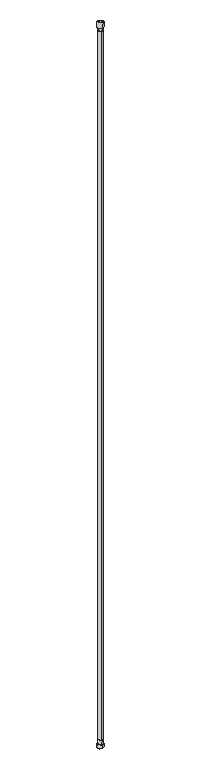
Revit family "Shower-GROHE-Metal_Hose-28025_Series", category Pipe Accessories, Revit 2014
Parameters (values of type "28025000")
  Width = 1/2"
  Warranty Information = "Limited Lifetime Warranty"
  URL = "http://www.grohe.com/"
  Product Page URL = "http://www.grohe.com/ca-en/5750/search/search-result/product-details/?product=28025-X999&color=000&material=28025DA0"
  Price = "Prices may vary. Please consult Manufacturer Representative for most up-to-date price list."  # constant formula
  Model = "28025000"
  Material = "Brass-Grohe-000-Starlight Chrome"
  Manufacturer = "GROHE"
  Installation Type = "Surface Mounted"
  Height = 68 115/128"
  Finish = Brass-Grohe-000-Starlight Chrome
  Description = "Metal Hose 1750mm"
  Default Elevation = 0"
  Creation Date = "11/11/2016"
  Connection Diameter = 1/2"
  Assembly Code = "D2090800"
Types (4): name | Product Page URL | Model | Material | Finish
  (no name) | "http://www.grohe.com/ca-en/5750/search/search-result/product-details/?product=28025-X999&color=000&material=28025DA0" | "28025000" | "Brass-Grohe-000-Starlight Chrome" | Brass-Grohe-000-Starlight Chrome
  28025DA0 | "http://www.grohe.com/ca-en/5750/search/search-result/product-details/?product=28025-X999&color=DA0&material=28025000" | "28025DA0" | "Brass-Grohe-DA0-Warm Sunset" | Brass-Grohe-DA0-Warm Sunset
  28025000 | "http://www.grohe.com/ca-en/5750/search/search-result/product-details/?product=28025-X999&color=000&material=28025DA0" | "28025000" | "Brass-Grohe-000-Starlight Chrome" | Brass-Grohe-000-Starlight Chrome
  28025ZB0 | "http://www.grohe.com/ca-en/5750/search/search-result/product-details/?product=28025-X999&color=ZB0&material=28025ZB0" | "28025ZB0" | "Brass-Grohe-ZB0-Oil Rubbed Bronze" | Brass-Grohe-ZB0-Oil Rubbed Bronze
Reference planes (in)
  plane 1 "Center (Front/Back)": y = 0
  plane 2: z = 0
  plane 3 "Center (Left/Right)": x = 0
  plane 4: z = 68.89844
  plane 5: x = 0.25
  plane 6: x = -0.25
  plane 7: x = 0.25
  plane 8: x = -0.25
Forms (in)
  Revolve 1, solid, material "Brass-Grohe-000-Starlight Chrome"
    sketch origin (0, 0, 0) x (1, 0, 0) y (0, 0, 1)
      loop
        line (0.15812, 68.89844) -> (0.15812, 0) -> (0.25, 0) -> (0.25, 0.31738) -> (0.21074, 0.31738) -> (0.21074, 0.74013) -> (0.17869, 0.74013) -> (0.17869, 68.16179) -> (0.21119, 68.19429) -> (0.21119, 68.42457) -> (0.25, 68.42457) -> (0.25, 68.89844) -> (0.15812, 68.89844)
      axis (0, 68.89844) -> (0, 0)
    angle from 0 to 360
Lines and regions (in)
  Masking region 1
    outline origin (0, 0, 0) x (1, 0, 0) y (0, 1, 0)
      loop
        circle (0, 0) r 0.25
  symbolic lines, detail levels medium+fine
    curve 1: circle (0, 0, 0) r 0.15812 normal (0, 0, 1)
Dimensions and locks (in)
  "Height": plane 4 to level
  "Connection Diameter": plane 8 to plane 7
Automatic sketch dimensions
  Revolve 1 sketch curve to plane 3 "Center (Left/Right)" = 0"
  Revolve 1 sketch curve to plane 4 = 0"  (x2)
  Revolve 1 sketch curve to level = 0"
  Revolve 1 sketch curve to plane 5 = 0"  (x2)
  Revolve 1 sketch curve to plane 5 = 0.09188"
  Revolve 1 sketch curve to plane 5 = 0.07131"
  Revolve 1 sketch curve to Revolve 1 sketch curve = 0.03206"
  Revolve 1 sketch curve to plane 5 = 0.03881"
  Revolve 1 sketch curve to Revolve 1 sketch curve = 0.31738"
  Revolve 1 sketch curve to Revolve 1 sketch curve = 0.42275"
  Revolve 1 sketch curve to plane 4 = 0.73665"
  Revolve 1 sketch curve to Revolve 1 sketch curve = 0.0325"
  Revolve 1 sketch curve to Revolve 1 sketch curve = 0.23028"
  Revolve 1 sketch curve to Revolve 1 sketch curve = 4 1/4"
  plane 1 "Center (Front/Back)" to Masking region 1 sketch curve = 0"
  Masking region 1 sketch curve to plane 3 "Center (Left/Right)" = 0"
  plane 1 "Center (Front/Back)" to curve 1 = 0"
  curve 1 to plane 3 "Center (Left/Right)" = 0"
  radius of Masking region 1 sketch curve = 1/4"
  radius of curve 1 = 0.15812"
Connectors (in)
  piping at (0, 0, 68.89844), diameter 0.5
    settings: on Revolve 1, index 1, connector inside diameter 24", connector length 0", flow factor 0, pipe flow 0 GPM, pressure drop 0.00 psi, fitting loss kfactor 0, connector angle 0.00°, fixture units 0, engagement length 0", angle of deflection 0.00°, flow configuration 0, flow direction 1, fitting loss method 0, system type 29, joint type 0, gender type 0, connector reference index -1, connector utility 0, adjustable connector no, is connector primary yes, connector description "1/2\" Water Inlet"
  piping at (0, 0, 0), diameter 0.5, driven by "Connection Diameter"
    settings: on Revolve 1, index 2, connector inside diameter 24", connector length 0", flow factor 0, pipe flow 0 GPM, pressure drop 0.00 psi, fitting loss kfactor 0, connector angle 0.00°, fixture units 0, engagement length 0", angle of deflection 0.00°, flow configuration 0, flow direction 2, fitting loss method 0, system type 29, joint type 0, gender type 0, connector reference index -1, connector utility 0, adjustable connector no, is connector primary no, connector description "1/2\" Water Outlet"
